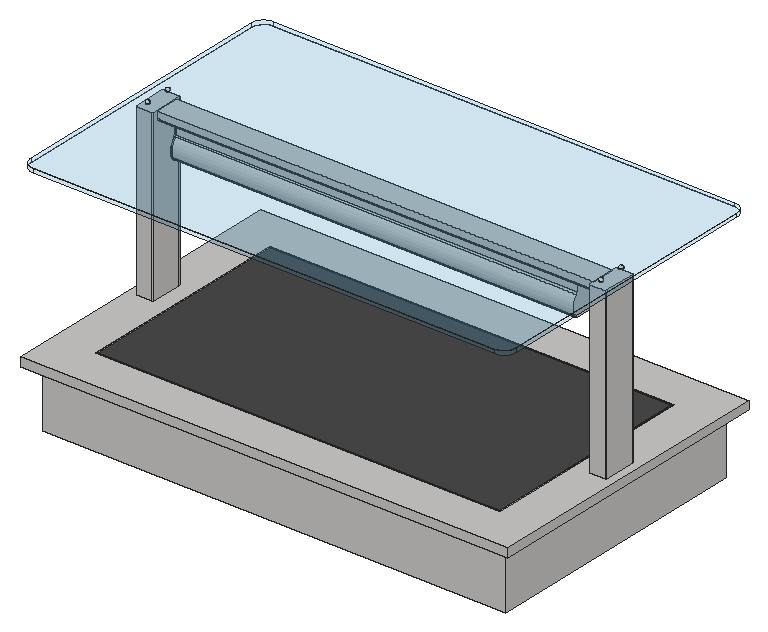
Revit family "QF_FESTIVE_SHD12", category Specialty Equipment, Revit 2020
Family settings
  Round Connector Dimension = Use Diameter
  Part Type = Normal
  Work Plane-Based = No
  Always vertical = Yes
  Cut with Voids When Loaded = No
  Shared = No
  Room Calculation Point = No
Parameters (values of type "SHD12")
  Weight in Pounds = 0
  Watts = if(Phase = 3, Volts * FL Amps * 1.73, Volts * FL Amps)  # 1870 W
  Volts = 220 V
  URL Cutsheet = ""
  Specification by User = ""
  Specification by Manufacturer = ""
  Serial Number = ""
  Seismic Rating = ""
  SMACNA No = ""
  Revision Code = ""
  Phase = 1
  Number of Poles = 1
  NAFEM Spec ID Number = ""
  Model = "SHD12"
  Min Ckt Ampacity = 0 A
  Max Overcurrent Protection = 0 A
  Masterspec = ""
  Manufacturer = "FESTIVE"
  Length = 1155 mm
  Item Number = ""
  Installed By = ""
  Identify Quantity as Lot = yes
  Height = 430 mm
  HP = ""
  Furnished By = ""
  Foodservice Equipment Identifier = yes
  FL Amps = 8.5 A  # constant formula
  Electrical Remarks = ""
  Electric Connection Type = ""
  Elec Conn RI Height = 0 mm
  Elec Conn Connection Height = 0 mm
  Description = "SOMERSET: HOT DECK"
  Depth = 712 mm
  Default Elevation = 0 mm
  Cycle = 50 Hz
  Conn Plug = ""
  Conn Conduit = yes
  CSI MasterFormat = ""
  Apparent Power = if(Phase = 3, Volts * FL Amps * 1.73, Volts * FL Amps)  # 1870 VA
Reference planes
  plane 1 "BACK": y = 0
  plane 2: z = 0
  plane 3 "LEFT": x = 0
  plane 4 "RIGHT": x = 1155
  plane 5 "FRONT": y = -712
  plane 6 "TOP": z = 430
  plane 7 "Center Y": x = 577.5
  plane 8 "Center X": y = -356
  plane 9: z = -140
  plane 10: x = 60.5
  plane 11: x = 100.5
  plane 12: x = 1054.5
  plane 13: x = 1094.5
Forms (mm)
  Extrusion 1, solid, material "QF_Metal - Stainless - Satin"
    sketch origin (0, 0, 0) x (1, 0, 0) y (0, 1, 0)
      loop
        line (0, 0) -> (0, -712) -> (1155, -712) -> (1155, 0) -> (0, 0)
      loop
        line (99, -98.261) -> (99, -612.261) -> (1056, -612.261) -> (1056, -98.261) -> (99, -98.261)
    from 0 to 20
  Extrusion 2, solid, material "QF_Metal - Stainless - Satin"
    sketch origin (1065, -355.261, -145) x (1, 0, 0) y (0, 1, 0)
      loop
        line (60, -326.739) -> (60, 325.261) -> (-1035, 325.261) -> (-1035, -326.739) -> (60, -326.739)
      loop
        line (-966, -257) -> (-9, -257) -> (-9, 257) -> (-966, 257) -> (-966, -257)
    from 5 to 145
  Extrusion 3, solid, material "QF_Metal - Stainless - Satin"
    sketch origin (1065, -355.261, 20) x (1, 0, 0) y (0, 1, 0)
      loop
        arc (-1006.5, -40) -> (-1005.086, -39.414) -> (-1004.5, -38) r 2
        line (-1004.5, -38) -> (-1004.5, 38)
        arc (-1004.5, 38) -> (-1005.086, 39.414) -> (-1006.5, 40) r 2
        line (-1006.5, 40) -> (-1042.5, 40)
        arc (-1042.5, 40) -> (-1043.914, 39.414) -> (-1044.5, 38) r 2
        line (-1044.5, 38) -> (-1044.5, -38)
        arc (-1044.5, -38) -> (-1043.914, -39.414) -> (-1042.5, -40) r 2
        line (-1042.5, -40) -> (-1006.5, -40)
      loop
        arc (69.5, 38) -> (68.914, 39.414) -> (67.5, 40) r 2
        line (67.5, 40) -> (31.5, 40)
        arc (31.5, 40) -> (30.086, 39.414) -> (29.5, 38) r 2
        line (29.5, 38) -> (29.5, -38)
        arc (29.5, -38) -> (30.086, -39.414) -> (31.5, -40) r 2
        line (31.5, -40) -> (67.5, -40)
        arc (67.5, -40) -> (68.914, -39.414) -> (69.5, -38) r 2
        line (69.5, -38) -> (69.5, 38)
    from 0 to 400
  Extrusion 4, solid, material "QF_Metal - Stainless - Satin"
    sketch origin (1065, -355.261, -140) x (0, 1, 0) y (1, 0, 0)
      loop
        line (257, -966) -> (257, -9) -> (-257, -9) -> (-257, -966) -> (257, -966)
    from 0 to -35
  Sweep 5, solid
    path origin (0, 0, -90) x (1, 0, 0) y (0, 1, 0)
      loop
        line (1054, -180.315) -> (210.803, -180.315)
        arc (210.803, -180.315) -> (189.59, -189.101) -> (180.803, -210.315) r 30
        line (180.803, -210.315) -> (180.803, -500.123)
        arc (180.803, -500.123) -> (189.59, -521.336) -> (210.803, -530.123) r 30
        line (210.803, -530.123) -> (1054, -530.123)
    profile origin (632.401, -180.315, -90) x (0, -1, 0) y (0, 0, 1)
      loop
        circle (0, 0) r 3.995
  Extrusion 6, solid, material "Glass"
    sketch origin (1065, -355.261, 420) x (1, 0, 0) y (0, 1, 0)
      loop
        arc (-1062.5, -326) -> (-1053.713, -347.213) -> (-1032.5, -356) r 30
        line (-1032.5, -356) -> (57.5, -356)
        arc (57.5, -356) -> (78.713, -347.213) -> (87.5, -326) r 30
        line (87.5, -326) -> (87.5, 324.523)
        arc (87.5, 324.523) -> (78.713, 345.736) -> (57.5, 354.523) r 30
        line (57.5, 354.523) -> (-1032.5, 354.523)
        arc (-1032.5, 354.523) -> (-1053.713, 345.736) -> (-1062.5, 324.523) r 30
        line (-1062.5, 324.523) -> (-1062.5, -326)
    from 0 to 10
  Extrusion 7, solid, material "QF_Metal - Stainless - Satin"
    sketch origin (100.5, -4572, 401.831) x (0, 0, 1) y (0, -1, 0)
      loop
        arc (-66.2, -4250.168) -> (-44.071, -4253.808) -> (-23.897, -4244.015) r 37.05
        arc (-23.897, -4244.015) -> (-21.842, -4242.699) -> (-19.446, -4242.239) r 6.465
        line (-19.446, -4242.239) -> (-1.831, -4242.239) -> (-1.831, -4191.324) -> (-19.446, -4191.324)
        arc (-19.446, -4191.324) -> (-21.842, -4190.863) -> (-23.897, -4189.548) r 6.465
        arc (-23.897, -4189.548) -> (-44.071, -4179.755) -> (-66.2, -4183.394) r 37.05
        arc (-66.2, -4183.394) -> (-70.639, -4187.723) -> (-71.831, -4193.809) r 10.413
        line (-71.831, -4193.809) -> (-71.831, -4241.231)
        arc (-71.831, -4241.231) -> (-70.247, -4246.476) -> (-66.2, -4250.168) r 10.306
    from 0 to 2
  Extrusion 8, solid, material "QF_Metal - Stainless - Satin"
    sketch origin (102.5, -4572, 401.831) x (0, 0, 1) y (0, -1, 0)
      loop
        arc (-66.2, -4250.168) -> (-44.071, -4253.808) -> (-23.897, -4244.015) r 37.05
        arc (-23.897, -4244.015) -> (-21.842, -4242.699) -> (-19.446, -4242.239) r 6.465
        line (-19.446, -4242.239) -> (-1.831, -4242.239) -> (-1.831, -4191.324) -> (-19.446, -4191.324)
        arc (-19.446, -4191.324) -> (-21.842, -4190.863) -> (-23.897, -4189.548) r 6.465
        arc (-23.897, -4189.548) -> (-44.071, -4179.755) -> (-66.2, -4183.394) r 37.05
        arc (-66.2, -4183.394) -> (-70.639, -4187.723) -> (-71.831, -4193.809) r 10.413
        line (-71.831, -4193.809) -> (-71.831, -4241.231)
        arc (-71.831, -4241.231) -> (-70.247, -4246.476) -> (-66.2, -4250.168) r 10.306
    from 0 to 952
  Extrusion 9, solid, material "QF_Metal - Stainless - Satin"
    sketch origin (0, 0, 0) x (0, 1, 0) y (0, 0, 1)
      loop
        line (-327.761, 420) -> (-382.676, 420) -> (-382.676, 401.831)
        arc (-382.676, 401.831) -> (-382.037, 400.522) -> (-380.676, 400) r 1.989
        line (-380.676, 400) -> (-329.761, 400)
        arc (-329.761, 400) -> (-328.401, 400.522) -> (-327.761, 401.831) r 1.989
        line (-327.761, 401.831) -> (-327.761, 420)
    from 60.5 to 1094.5
  Revolve 10, solid, material "QF_Metal - Stainless - Satin"
    sketch origin (0, -385.237, 2) x (1, 0, 0) y (0, 0, 1)
      loop
        line (36.511, 428) -> (40.467, 428) -> (40.467, 433.967)
        arc (40.467, 433.967) -> (37.67, 432.809) -> (36.511, 430.011) r 3.956
        line (36.511, 430.011) -> (36.511, 428)
      axis (40.467, 428) -> (40.467, 433.967)
    angle from 0 to 360
  Revolve 11, solid, material "QF_Metal - Stainless - Satin"
    sketch origin (0, -325.201, 2) x (1, 0, 0) y (0, 0, -1)
      loop
        line (36.511, -428) -> (36.511, -430.011)
        arc (36.511, -430.011) -> (37.67, -432.809) -> (40.467, -433.967) r 3.956
        line (40.467, -433.967) -> (40.467, -428) -> (36.511, -428)
      axis (40.467, -428) -> (40.467, -433.967)
    angle from 0 to 360
  Revolve 12, solid, material "QF_Metal - Stainless - Satin"
    sketch origin (2130, -385.237, 2) x (-1, 0, 0) y (0, 0, -1)
      loop
        line (1011.511, -428) -> (1011.511, -430.011)
        arc (1011.511, -430.011) -> (1012.67, -432.809) -> (1015.467, -433.967) r 3.956
        line (1015.467, -433.967) -> (1015.467, -428) -> (1011.511, -428)
      axis (1015.467, -428) -> (1015.467, -433.967)
    angle from 0 to 360
  Revolve 13, solid, material "QF_Metal - Stainless - Satin"
    sketch origin (2130, -325.201, 2) x (-1, 0, 0) y (0, 0, 1)
      loop
        line (1011.511, 428) -> (1015.467, 428) -> (1015.467, 433.967)
        arc (1015.467, 433.967) -> (1012.67, 432.809) -> (1011.511, 430.011) r 3.956
        line (1011.511, 430.011) -> (1011.511, 428)
      axis (1015.467, 428) -> (1015.467, 433.967)
    angle from 0 to 360
  Extrusion 14, solid
    sketch origin (0, 0, 20) x (1, 0, 0) y (0, 1, 0)
      loop
        line (99, -612.261) -> (1056, -612.261) -> (1056, -98.261) -> (99, -98.261) -> (99, -612.261)
      loop
        line (101, -610.261) -> (1054, -610.261) -> (1054, -100.261) -> (101, -100.261) -> (101, -610.261)
    from -5 to 0
  Extrusion 15, solid, material "QF_Plastic - Black - Smooth"
    sketch origin (0, 0, 20) x (1, 0, 0) y (0, 1, 0)
      loop
        line (101, -610.261) -> (1054, -610.261) -> (1054, -100.261) -> (101, -100.261) -> (101, -610.261)
    from -5 to 0
Cuts and joins
  joined: Extrusion 2, Extrusion 4
Lines and regions (mm)
  symbolic lines
    curve 1: arc (32.5, -0.739, 0) -> (11.287, -9.526, 0) -> (2.5, -30.739, 0) r 30
    curve 2: line (2.5, -30.739, 0) -> (2.5, -681.261, 0)
    curve 3: arc (2.5, -681.261, 0) -> (11.287, -702.474, 0) -> (32.5, -711.261, 0) r 30
    curve 4: line (32.5, -711.261, 0) -> (1122.5, -711.261, 0)
    curve 5: arc (1122.5, -711.261, 0) -> (1143.713, -702.474, 0) -> (1152.5, -681.261, 0) r 30
    curve 6: line (1152.5, -681.261, 0) -> (1152.5, -30.739, 0)
    curve 7: arc (1152.5, -30.739, 0) -> (1143.713, -9.526, 0) -> (1122.5, -0.739, 0) r 30
    curve 8: line (1122.5, -0.739, 0) -> (32.5, -0.739, 0)
    curve 9: circle (40.467, -325.131, 0) r 3.956 normal (0, 0, 1)
    curve 10: circle (40.467, -385.166, 0) r 3.956 normal (0, 0, 1)
    curve 11: circle (1114.533, -325.131, 0) r 3.956 normal (0, 0, -1)
    curve 12: circle (1114.533, -385.166, 0) r 3.956 normal (0, 0, -1)
    curve 13: line (1155, 0, 0) -> (0, 0, 0)
    curve 14: line (1155, -712, 0) -> (1155, 0, 0)
    curve 15: line (0, -712, 0) -> (1155, -712, 0)
    curve 16: line (0, 0, 0) -> (0, -712, 0)
Dimensions and locks
  equal spacing: plane 3 "LEFT", plane 7 "Center Y", plane 4 "RIGHT"
  "Length": plane 3 "LEFT" to plane 4 "RIGHT"
  equal spacing: plane 5 "FRONT", plane 8 "Center X", plane 1 "BACK"
  "Depth": plane 5 "FRONT" to plane 1 "BACK"
  "Height": plane 6 "TOP" to level
  plane 1 "BACK" to plane 5 "FRONT" = 712 mm
  plane 2 to plane 9 = 140 mm
  nested 1 to nested 1 = 2.873 mm
  locked: plane 13 to plane 4 "RIGHT" at 60.5
  locked: plane 12 to plane 4 "RIGHT" at 100.5
  aligned and locked: plane 2 to level
  aligned and locked: plane 9 to nested 1
  aligned and locked: Extrusion 9 to plane 13
  aligned and locked: Extrusion 8 to plane 12
  aligned and locked: nested 1 to plane 7 "Center Y"
Automatic sketch dimensions
  curve 16 to plane 3 "LEFT" = 0 mm
  curve 15 to plane 4 "RIGHT" = 0 mm
  plane 5 "FRONT" to curve 15 = 0 mm
  plane 1 "BACK" to curve 13 = 0 mm
  plane 3 "LEFT" to curve 2 = 2.5 mm
  curve 4 to plane 5 "FRONT" = 0.739 mm
  plane 3 "LEFT" to curve 4 = 32.5 mm
  plane 1 "BACK" to curve 8 = 0.739 mm
  plane 3 "LEFT" to curve 8 = 32.5 mm
  plane 3 "LEFT" to curve 10 = 40.467 mm
  plane 3 "LEFT" to curve 9 = 40.467 mm
  plane 4 "RIGHT" to curve 11 = 40.467 mm
  plane 4 "RIGHT" to curve 12 = 40.467 mm
  plane 4 "RIGHT" to curve 8 = 32.5 mm
  plane 4 "RIGHT" to curve 4 = 32.5 mm
  plane 4 "RIGHT" to curve 6 = 2.5 mm
  curve 12 to plane 8 "Center X" = 29.166 mm
  curve 10 to plane 8 "Center X" = 29.166 mm
  plane 8 "Center X" to curve 9 = 30.869 mm
  plane 8 "Center X" to curve 11 = 30.869 mm
  Extrusion 1 sketch curve to plane 3 "LEFT" = 0 mm
  Extrusion 1 sketch curve to plane 4 "RIGHT" = 0 mm
  plane 5 "FRONT" to Extrusion 1 sketch curve = 0 mm
  plane 1 "BACK" to Extrusion 1 sketch curve = 0 mm
  plane 3 "LEFT" to Extrusion 1 sketch curve = 99 mm
  plane 4 "RIGHT" to Extrusion 1 sketch curve = 99 mm
  Extrusion 1 sketch curve to plane 5 "FRONT" = 99.739 mm
  plane 1 "BACK" to Extrusion 1 sketch curve = 98.261 mm
  plane 3 "LEFT" to Extrusion 2 sketch curve = 30 mm
  Extrusion 2 sketch curve to Extrusion 2 sketch curve = 69 mm
  plane 4 "RIGHT" to Extrusion 2 sketch curve = 99 mm
  plane 4 "RIGHT" to Extrusion 2 sketch curve = 30 mm
  Extrusion 2 sketch curve to plane 5 "FRONT" = 30 mm
  Extrusion 2 sketch curve to Extrusion 2 sketch curve = 69.739 mm
  plane 1 "BACK" to Extrusion 2 sketch curve = 98.261 mm
  plane 1 "BACK" to Extrusion 2 sketch curve = 30 mm
  plane 3 "LEFT" to Extrusion 3 sketch curve = 20.5 mm
  Extrusion 3 sketch curve to Extrusion 3 sketch curve = 2 mm  (x6)
  Extrusion 3 sketch curve to Extrusion 3 sketch curve = 36 mm  (x2)
  plane 4 "RIGHT" to Extrusion 3 sketch curve = 60.5 mm
  plane 4 "RIGHT" to Extrusion 3 sketch curve = 22.5 mm  (x2)
  Extrusion 3 sketch curve to plane 8 "Center X" = 39.261 mm  (x2)
  plane 8 "Center X" to Extrusion 3 sketch curve = 38.739 mm  (x2)
  Extrusion 4 sketch curve to Extrusion 2 = 0 mm  (x4)
  plane 3 "LEFT" to Sweep 5 sketch curve = 180.803 mm
  Sweep 5 sketch curve to Sweep 5 sketch curve = 30 mm  (x2)
  Sweep 5 sketch curve to plane 8 "Center X" = 174.123 mm
  plane 8 "Center X" to Sweep 5 sketch curve = 145.685 mm
  plane 4 "RIGHT" to Sweep 5 sketch curve = 101 mm  (x2)
  Sweep 5 sketch curve to profile plane = 0 mm  (x2)
  plane 3 "LEFT" to Extrusion 6 sketch curve = 2.5 mm
  Extrusion 6 sketch curve to Extrusion 6 sketch curve = 30 mm  (x2)
  plane 1 "BACK" to Extrusion 6 sketch curve = 0.739 mm
  plane 4 "RIGHT" to Extrusion 6 sketch curve = 32.5 mm  (x2)
  Extrusion 6 sketch curve to plane 5 "FRONT" = 0.739 mm
  plane 4 "RIGHT" to Extrusion 6 sketch curve = 2.5 mm
  Extrusion 9 sketch curve to plane 8 "Center X" = 26.676 mm
  Extrusion 9 sketch curve to Extrusion 9 sketch curve = 1.982 mm  (x2)
  Extrusion 9 sketch curve to Extrusion 9 sketch curve = 0.018 mm  (x2)
  plane 8 "Center X" to Extrusion 9 sketch curve = 26.239 mm
  Extrusion 9 sketch curve to plane 6 "TOP" = 30 mm
  Extrusion 9 sketch curve to Extrusion 9 sketch curve = 1.831 mm  (x2)
  Extrusion 9 sketch curve to plane 6 "TOP" = 10 mm
  Revolve 10 sketch curve to plane 6 "TOP" = 0 mm
  plane 3 "LEFT" to Revolve 10 sketch curve = 36.511 mm
  Revolve 10 sketch curve to Revolve 10 sketch curve = 3.956 mm
  plane 6 "TOP" to Revolve 10 sketch curve = 2.011 mm
  Revolve 10 sketch curve to Revolve 10 sketch curve = 0 mm  (x2)
  Revolve 10 sketch curve to Revolve 10 sketch curve = 2.434 mm
  Revolve 11 sketch curve to plane 6 "TOP" = 0 mm
  plane 3 "LEFT" to Revolve 11 sketch curve = 36.511 mm
  Revolve 11 sketch curve to Revolve 11 sketch curve = 3.956 mm
  plane 6 "TOP" to Revolve 11 sketch curve = 2.011 mm
  Revolve 11 sketch curve to Revolve 11 sketch curve = 0 mm  (x2)
  Revolve 11 sketch curve to Revolve 11 sketch curve = 2.434 mm
  Revolve 12 sketch curve to plane 6 "TOP" = 0 mm
  plane 4 "RIGHT" to Revolve 12 sketch curve = 36.511 mm
  Revolve 12 sketch curve to Revolve 12 sketch curve = 3.956 mm
  Revolve 12 sketch curve to Revolve 12 sketch curve = 2.011 mm
  Revolve 12 sketch curve to Revolve 12 sketch curve = 0 mm  (x2)
  Revolve 12 sketch curve to Revolve 12 sketch curve = 2.434 mm
  Revolve 13 sketch curve to plane 6 "TOP" = 0 mm
  plane 4 "RIGHT" to Revolve 13 sketch curve = 36.511 mm
  Revolve 13 sketch curve to Revolve 13 sketch curve = 3.956 mm
  Revolve 13 sketch curve to Revolve 13 sketch curve = 2.011 mm
  Revolve 13 sketch curve to Revolve 13 sketch curve = 0 mm  (x2)
  Revolve 13 sketch curve to Revolve 13 sketch curve = 2.434 mm
  Extrusion 14 sketch curve to Extrusion 1 = 0 mm  (x3)
  Extrusion 1 to Extrusion 14 sketch curve = 0 mm
  Extrusion 1 to Extrusion 14 sketch curve = 2 mm  (x4)
  Extrusion 1 to Extrusion 15 sketch curve = 2 mm  (x4)
  Extrusion 7 sketch curve to plane 8 "Center X" = 22.191 mm
  Extrusion 7 sketch curve to plane 6 "TOP" = 100 mm
  Extrusion 7 sketch curve to Extrusion 7 sketch curve = 10.303 mm
  Extrusion 7 sketch curve to Extrusion 7 sketch curve = 10.351 mm
  plane 8 "Center X" to Extrusion 7 sketch curve = 0.419 mm
  Extrusion 7 sketch curve to Extrusion 7 sketch curve = 12.075 mm
  Extrusion 7 sketch curve to Extrusion 7 sketch curve = 0 mm  (x3)
  Extrusion 7 sketch curve to Extrusion 7 sketch curve = 42.082 mm
  Extrusion 7 sketch curve to Extrusion 7 sketch curve = 42.033 mm
  Extrusion 7 sketch curve to Extrusion 7 sketch curve = 17.615 mm
  Extrusion 7 sketch curve to Extrusion 7 sketch curve = 0.725 mm
  plane 8 "Center X" to Extrusion 7 sketch curve = 24.982 mm
  Extrusion 7 sketch curve to Extrusion 7 sketch curve = 0.249 mm
  plane 8 "Center X" to Extrusion 7 sketch curve = 26.239 mm
  Extrusion 7 sketch curve to Extrusion 7 sketch curve = 6.465 mm  (x2)
  Extrusion 7 sketch curve to Extrusion 7 sketch curve = 1.133 mm
  Extrusion 7 sketch curve to plane 8 "Center X" = 24.676 mm
  Extrusion 7 to Extrusion 8 sketch curve = 0 mm
  Extrusion 8 sketch curve to Extrusion 7 = 0 mm
  radius of curve 9 = 3.956 mm
  radius of curve 10 = 3.956 mm
  radius of curve 11 = 3.956 mm
  radius of curve 12 = 3.956 mm
  radius of Sweep 5 sketch curve = 3.995 mm
  radius of Extrusion 8 sketch curve to Extrusion 7 = 0 mm  (x6)
Nested families
  nested 1: "CONTROL1" at (677.5, -442, -240) x (-1, 0, 0) z (0, 0, 1), type "CONTROL 2"
Connectors
  electrical at (474.3, -342, -196), driven by "Volts", driven by "Watts"
    settings: on nested 1, index 2, voltage 220 V, apparent load 1870 VA, apparent load phase1 0 VA, apparent load phase2 0 VA, apparent load phase3 0 VA, power factor 1, load classification "Other", number of poles 1, system type 30, power factor state 1, is connector primary yes, connector utility no, sub classification motor no, connector description "ELECTRICAL CONNECTION"
Definition of nested family "CONTROL1"
  Parameters (values of type "CONTROL 2")
    Weight in Pounds = 0
    Watts = if(Phase = 3, Volts * FL Amps * 1.73, Volts * FL Amps)  # 0 W
    Volts = 0 V
    URL Cutsheet = ""
    Specification by User = ""
    Specification by Manufacturer = ""
    Serial Number = ""
    Seismic Rating = ""
    SMACNA No = ""
    Revision Code = ""
    Phase = 0
    Number of Poles = 1
    NAFEM Spec ID Number = ""
    Min Ckt Ampacity = 0 A
    Max Overcurrent Protection = 0 A
    Masterspec = ""
    Length = 200 mm
    Item Number = ""
    Installed By = ""
    Identify Quantity as Lot = yes
    Height = 100 mm
    HP = ""
    Furnished By = ""
    Foodservice Equipment Identifier = yes
    FL Amps = 0 A
    Electrical Remarks = ""
    Electric Connection Type = ""
    Elec Conn RI Height = 0 mm
    Elec Conn Connection Height = 0 mm
    Depth = 382 mm  # constant formula
    Default Elevation = 0 mm
    Cycle = 0 Hz
    Conn Plug = ""
    Conn Conduit = yes
    CSI MasterFormat = ""
    Apparent Power = if(Phase = 3, Volts * FL Amps * 1.73, Volts * FL Amps)  # 0 VA
  Reference planes
    plane 1 "BACK": y = 0
    plane 2: z = 0
    plane 3 "LEFT": x = 0
    plane 4 "RIGHT": x = 200
    plane 5 "FRONT": y = -382
    plane 6 "TOP": z = 100
    plane 7 "Center Y": x = 100
    plane 8 "Center X": y = -191
  Forms (mm)
    Extrusion 1, solid
      sketch origin (0, 0, 0) x (0, 1, 0) y (0, 0, 1)
        loop
          line (0, 100) -> (-382, 100) -> (-382, 0) -> (0, 0) -> (0, 100)
      from 0 to 200
    Extrusion 2, solid
      sketch origin (0, -385.163, 100.641) x (0, 0, -1) y (1, 0, 0)
        loop
          line (0.641, 0) -> (84.005, 0) -> (84.005, 200) -> (0.641, 200) -> (0.641, 0)
      from 0 to -3.163
    Extrusion 3, solid
      sketch origin (200, 0, 0) x (0, 1, 0) y (0, 0, 1)
        loop
          circle (-100, 44) r 5
      from 0 to 3.2
    Extrusion 4, solid
      sketch origin (234.495, -385.163, 106.983) x (0, 0, -1) y (1, 0, 0)
        loop
          line (28.109, -81.09) -> (28.109, -101.23) -> (65.314, -101.23) -> (65.314, -81.09) -> (28.109, -81.09)
        loop
          line (30.983, -84.095) -> (30.983, -98.095) -> (62.983, -98.095) -> (62.983, -84.095) -> (30.983, -84.095)
        loop
          line (28.109, -106.09) -> (28.109, -126.23) -> (65.314, -126.23) -> (65.314, -106.09) -> (28.109, -106.09)
        loop
          line (30.983, -109.095) -> (30.983, -123.095) -> (62.983, -123.095) -> (62.983, -109.095) -> (30.983, -109.095)
        loop
          line (29.233, -135.695) -> (29.233, -209.695)
          arc (29.233, -209.695) -> (31.709, -210.63) -> (34.233, -211.428) r 48.156
          line (34.233, -211.428) -> (34.233, -134.051)
          arc (34.233, -134.051) -> (31.711, -134.808) -> (29.233, -135.695) r 50.519
        loop
          line (65.733, -209.695) -> (65.733, -135.695)
          arc (65.733, -135.695) -> (63.254, -134.808) -> (60.733, -134.051) r 50.519
          line (60.733, -134.051) -> (60.733, -211.428)
          arc (60.733, -211.428) -> (63.256, -210.63) -> (65.733, -209.695) r 48.156
      from 0 to 2
    Extrusion 5, solid
      sketch origin (139.146, -385.163, 76) x (0, 0, -1) y (0, 1, 0)
        loop
          line (32, 0) -> (0, 0) -> (0, -2)
          arc (0, -2) -> (12.978, -3.04) -> (25.484, -6.665) r 64.536
          arc (25.484, -6.665) -> (27.464, -6.785) -> (29.117, -5.69) r 3.128
          line (29.117, -5.69) -> (32, -2) -> (32, 0)
      from -2.746 to 11.254
    Extrusion 6, solid
      sketch origin (114.146, -385.163, 76) x (0, 0, -1) y (0, 1, 0)
        loop
          line (32, 0) -> (0, 0) -> (0, -2)
          arc (0, -2) -> (12.978, -3.04) -> (25.484, -6.665) r 64.536
          arc (25.484, -6.665) -> (27.464, -6.785) -> (29.117, -5.69) r 3.128
          line (29.117, -5.69) -> (32, -2) -> (32, 0)
      from -2.746 to 11.254
    Extrusion 7, solid
      sketch origin (234.495, -385.163, 106.983) x (0, 0, -1) y (1, 0, 0)
        loop
          arc (60.733, -134.051) -> (47.483, -132.283) -> (34.233, -134.051) r 50.519
          line (34.233, -134.051) -> (34.233, -211.428)
          arc (34.233, -211.428) -> (47.483, -213.287) -> (60.733, -211.428) r 48.156
          line (60.733, -211.428) -> (60.733, -134.051)
      from 0 to 2
    Extrusion 8, void
      sketch origin (200, 0, 0) x (0, 1, 0) y (0, 0, 1)
        loop
          circle (-133.139, 75.744) r 6
        loop
          circle (-102.677, 75.744) r 10
        loop
          circle (-133.317, 45.46) r 7.401
      from 0 to -3.2
    Extrusion 9, void
      sketch origin (0, 0, 0) x (0, -1, 0) y (0, 0, 1)
        loop
          circle (133.139, 75.744) r 6
        loop
          circle (102.677, 75.744) r 10
        loop
          circle (133.317, 45.46) r 7.401
      from 0 to -3.2
  Cuts and joins
    Extrusion 8, Extrusion 9 cuts Extrusion 1
  Lines and regions (mm)
    symbolic lines
      curve 1: line (0, 0, 0) -> (200, 0, 0)
      curve 2: line (0, -382, 0) -> (0, 0, 0)
      curve 3: line (200, -382, 0) -> (0, -382, 0)
      curve 4: line (200, 0, 0) -> (200, -382, 0)
  Dimensions and locks
    equal spacing: plane 3 "LEFT", plane 7 "Center Y", plane 4 "RIGHT"
    "Length": plane 3 "LEFT" to plane 4 "RIGHT"
    equal spacing: plane 5 "FRONT", plane 8 "Center X", plane 1 "BACK"
    "Depth": plane 5 "FRONT" to plane 1 "BACK"
    "Height": plane 6 "TOP" to level
    plane 4 "RIGHT" to plane 3 "LEFT" = 200 mm
    plane 5 "FRONT" to plane 1 "BACK" = 382 mm
    plane 1 "BACK" to Extrusion 3 sketch curve = 100 mm
    Extrusion 3 sketch curve to level = 44 mm
    aligned and locked: plane 2 to level
  Automatic sketch dimensions
    curve 3 to plane 3 "LEFT" = 0 mm
    curve 3 to plane 4 "RIGHT" = 0 mm
    plane 5 "FRONT" to curve 3 = 0 mm
    plane 1 "BACK" to curve 2 = 0 mm
    Extrusion 1 sketch curve to plane 5 "FRONT" = 0 mm
    Extrusion 1 sketch curve to level = 0 mm
    Extrusion 1 sketch curve to plane 1 "BACK" = 0 mm
    Extrusion 1 sketch curve to plane 6 "TOP" = 0 mm
    plane 4 "RIGHT" to Extrusion 2 sketch curve = 0 mm
    Extrusion 2 sketch curve to plane 6 "TOP" = 0 mm
    Extrusion 2 sketch curve to plane 3 "LEFT" = 0 mm
    level to Extrusion 2 sketch curve = 16.636 mm
    Extrusion 4 sketch curve to Extrusion 4 sketch curve = 0 mm  (x6)
    Extrusion 4 sketch curve to plane 6 "TOP" = 21.127 mm  (x2)
    plane 7 "Center Y" to Extrusion 4 sketch curve = 8.264 mm
    Extrusion 4 sketch curve to plane 6 "TOP" = 22.25 mm
    Extrusion 4 sketch curve to Extrusion 4 sketch curve = 2.873 mm  (x2)
    Extrusion 4 sketch curve to Extrusion 4 sketch curve = 5 mm  (x2)
    Extrusion 4 sketch curve to Extrusion 4 sketch curve = 13.25 mm
    plane 7 "Center Y" to Extrusion 4 sketch curve = 0.443 mm
    Extrusion 4 sketch curve to Extrusion 4 sketch curve = 26.5 mm
    Extrusion 4 sketch curve to Extrusion 4 sketch curve = 2.25 mm
    Extrusion 4 sketch curve to Extrusion 4 sketch curve = 2.331 mm  (x2)
    Extrusion 4 sketch curve to plane 7 "Center Y" = 1.2 mm  (x2)
    plane 3 "LEFT" to Extrusion 4 sketch curve = 24.8 mm  (x2)
    Extrusion 4 sketch curve to Extrusion 4 sketch curve = 1.733 mm
    Extrusion 4 sketch curve to Extrusion 4 sketch curve = 3.136 mm  (x2)
    Extrusion 4 sketch curve to Extrusion 4 sketch curve = 14 mm  (x2)
    Extrusion 4 sketch curve to Extrusion 4 sketch curve = 3.004 mm  (x2)
    Extrusion 4 sketch curve to Extrusion 4 sketch curve = 4.86 mm
    plane 5 "FRONT" to Extrusion 5 sketch curve = 3.163 mm
    Extrusion 5 sketch curve to plane 6 "TOP" = 24 mm
    Extrusion 5 sketch curve to plane 6 "TOP" = 25.358 mm
    plane 5 "FRONT" to Extrusion 5 sketch curve = 6.928 mm
    Extrusion 5 sketch curve to Extrusion 5 sketch curve = 26.653 mm
    plane 5 "FRONT" to Extrusion 5 sketch curve = 8.853 mm
    Extrusion 5 sketch curve to Extrusion 5 sketch curve = 2.465 mm
    Extrusion 5 sketch curve to Extrusion 5 sketch curve = 2.883 mm
    Extrusion 5 sketch curve to Extrusion 5 sketch curve = 66.522 mm
    Extrusion 5 sketch curve to Extrusion 5 sketch curve = 2 mm  (x2)
    plane 5 "FRONT" to Extrusion 6 sketch curve = 3.163 mm
    Extrusion 6 sketch curve to plane 6 "TOP" = 24 mm
    Extrusion 6 sketch curve to plane 6 "TOP" = 25.358 mm
    plane 5 "FRONT" to Extrusion 6 sketch curve = 6.928 mm
    Extrusion 6 sketch curve to Extrusion 6 sketch curve = 26.653 mm
    plane 5 "FRONT" to Extrusion 6 sketch curve = 8.853 mm
    Extrusion 6 sketch curve to Extrusion 6 sketch curve = 2.465 mm
    Extrusion 6 sketch curve to Extrusion 6 sketch curve = 2.883 mm
    Extrusion 6 sketch curve to Extrusion 6 sketch curve = 66.522 mm
    Extrusion 6 sketch curve to Extrusion 6 sketch curve = 2 mm  (x2)
    plane 7 "Center Y" to Extrusion 7 sketch curve = 0.443 mm
    Extrusion 7 sketch curve to plane 6 "TOP" = 27.25 mm
    Extrusion 7 sketch curve to Extrusion 7 sketch curve = 13.25 mm
    Extrusion 7 sketch curve to Extrusion 7 sketch curve = 0 mm
    Extrusion 7 sketch curve to Extrusion 7 sketch curve = 26.5 mm
    Extrusion 7 sketch curve to plane 7 "Center Y" = 30.636 mm
    Extrusion 7 sketch curve to Extrusion 7 sketch curve = 17.671 mm
    plane 3 "LEFT" to Extrusion 7 sketch curve = 23.067 mm
    Extrusion 8 sketch curve to Extrusion 1 = 45.46 mm
    Extrusion 8 sketch curve to Extrusion 1 = 133.317 mm
    Extrusion 8 sketch curve to Extrusion 8 sketch curve = 0.178 mm
    Extrusion 8 sketch curve to Extrusion 8 sketch curve = 30.462 mm
    Extrusion 8 sketch curve to Extrusion 1 = 24.256 mm  (x2)
    plane 8 "Center X" to Extrusion 9 sketch curve = 57.683 mm
    Extrusion 9 sketch curve to Extrusion 9 sketch curve = 0.178 mm
    Extrusion 9 sketch curve to Extrusion 9 sketch curve = 30.462 mm
    level to Extrusion 9 sketch curve = 45.46 mm
    Extrusion 9 sketch curve to plane 6 "TOP" = 24.256 mm  (x2)
    radius of Extrusion 3 sketch curve = 5 mm
    radius of Extrusion 8 sketch curve = 6 mm
    radius of Extrusion 8 sketch curve = 10 mm
    radius of Extrusion 8 sketch curve = 7.401 mm
    radius of Extrusion 9 sketch curve = 6 mm
    radius of Extrusion 9 sketch curve = 10 mm
    radius of Extrusion 9 sketch curve = 7.401 mm
